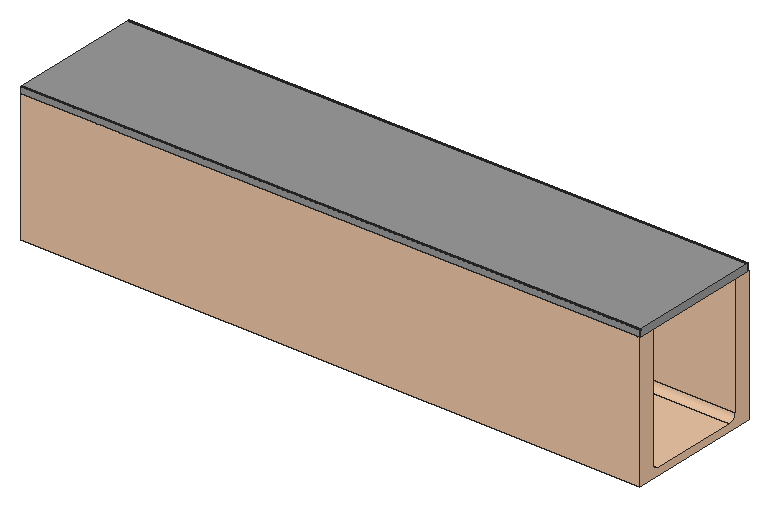
Revit family "EN_MEA MEADRAIN EN_ENS_basic", category Allgemeines Modell, Revit 2018
Family settings
  Kann Basisbauteil für Bewehrung sein = Nein
  Bemaßung runder Anschluss = Durchmesser verwenden
  Teiletyp = Normal
  OmniClass-Nummer = 23.70.50.00
  OmniClass-Titel = Liquid Waste Handling Services
  Beim Laden mit Abzugskörper schneiden = Ja
  Gemeinsam genutzt = Nein
  Raumberechnungspunkt = Nein
Parameters (values of type "MEADRAIN E - NW300")
  hilfsparameter = 0
  guid = "cf6c1bd8-9bf4-4563-8c57-07955e2378ac"  # constant formula
  Material Edge [instance] = Edge  # "ductile iron"
  URL = "https://www.mea-group.com/de/water-management/"
  Typenkommentare = "The MEADRAIN EN/ENS drainage channel system is designed to withstand the highest loads. With the cast-iron L-profile of the channel EN and the cast-iron Z-profile of the channel ENS, these high-performance MEADRAIN channels combine the light weight of polymer concrete with a reinforced construction that allows them to withstand loads up to class F 900. The MEADRAIN EN and ENS systems are designed to provide a drainage solution for the most demanding applications such as airports, train stations, cargo areas, ports and industrial buildings. These high-quality channels offer extremely long service life as well as high resistance to chemical substances, accumulating salt and acids."  # constant formula
  Type channel drainage = "Typ M"  # constant formula
  technical Product information [instance] = "https://www.mea-group.com/de/water-management/service/downloads/"
  MEA-Gully [instance] = if(Inspection element end, 1, 0)  # 0
  MEA- loading class [instance] = Loading class  # "A 15"
  MEA- endcap [instance] = if(and(Endcap beginning, Endcap end), 2, if(or(Endcap beginning, Endcap end), 1, 0))  # 0
  MEA- edge [instance] = Edge  # "ductile iron"
  MEA- cover [instance] = cover  # "ductil iron MOVE D400"
  MEA- channel length [instance] = if(Inspection element end, [built-in parameter 1001306] - 500 mm, [built-in parameter 1001306])  # 1800 mm
  MEA- Clear width = "300"
  Endcap end [instance] = no
  Endcap beginning [instance] = no
  Channel height End [instance] = if(and(hilfsparameter = 0, Channel with slope), Channel height + ([built-in parameter 1001306] - B_Channel End) * 0.005, Channel height)  # 409 mm
  Channel height = 400 mm
  Channel Radius = 20 mm  # constant formula
  Channel width = clear width + B_NW Width addition  # 394 mm
  Channel with slope [instance] = yes
  Product website [instance] = "https://www.mea-group.com/de/products/entwaesserungsrinne-meadrain-en-ens/"
  clear width mm channel = "300"
  MEA Planungs-Hilfe [instance] = "https://www.mea-group.com/de/water-management/service/"
  clear width = 300 mm
  Modell = "MEADRAIN EN/ENS"  # constant formula
  built-in parameter 1001306 [instance] = 1800 mm
  construction drainage = "Box channel, U-section"  # constant formula
  IfcExportType = "USERDEFINED"  # constant formula
  IfcExportAs = "IfcWasteTerminalType"  # constant formula
  IfcDescription = Beschreibung  # "Polymer concrete drainage system for heavy-duty industrial and infrastructure applications up to F 900."
  Hersteller und Typ - Ausschreibender gleichwertig = "like MEA Bautechnik GmbH, Modell MEADRAIN EN/ENS"  # constant formula
  Manufacturer = "MEA Bautechnik GmbH business unit MEA Water Management\r\n"  # constant formula
  Slope type / percen drainage [instance] = if(Channel with slope, "with 0.5 % slope", "Without slope")  # "with 0.5 % slope"
  Gully height = 835 mm
  Inspection element end [instance] = no
  Installation technology = "inclusive Foundation\r\n"  # constant formula
  Suitability drainage component [instance] = "Drainage system designed to collect, transport and evacuate accumulated rainwater in urban areas.MEADRAIN EN channels are specially designed to support heavy loads up to F900"  # constant formula
  loading class drainage [instance] = Loading class  # "A 15"
  component drainage = "Drainage channel"  # constant formula
  Building material, bedding/foundation = "Beton"  # constant formula
  B_NW Width addition = 94 mm
  B_NW = "NW 300"
  B_Modelltext = "MEA Rinne"  # constant formula
  B_Foundation addition Z [instance] = if(Def Loading class = 1, 80 mm, if(Def Loading class = 2, 100 mm, if(Def Loading class = 3, 150 mm, if(Def Loading class = 4, 200 mm, if(Def Loading class = 5, 200 mm, if(Def Loading class = 6, 250 mm, 1 mm))))))  # 80 mm
  B_Foundation addition X [instance] = if(Def Loading class = 1, 80 mm, if(Def Loading class = 2, 100 mm, if(Def Loading class = 3, 150 mm, if(Def Loading class = 4, 200 mm, if(Def Loading class = 5, 200 mm, if(Def Loading class = 6, 250 mm, 1 mm))))))  # 80 mm
  B_Topslot height [instance] = if(Def cover = 6, 110 mm, if(Def cover = 7, 160 mm, 1 mm))  # 1 mm
  B_cover Gruppe [instance] = if(and(Def cover > 0, Def cover < 6), 3, if(and(Def cover > 5, Def cover < 8), 4, 0))  # 3
  B_cover show G4 [instance] = B_cover Gruppe = 4  # no
  B_cover show G3 [instance] = B_cover Gruppe = 3  # yes
  B_cover show G1 [instance] = or(B_cover Gruppe = 1, B_cover Gruppe = 4)  # no
  Edge [instance] = "ductile iron"  # constant formula
  Def Loading class [instance] = 1
  foundation view [instance] = no
  Beschreibung = "Polymer concrete drainage system for heavy-duty industrial and infrastructure applications up to F 900."  # constant formula
  B_show foundation Gully [instance] = B_check foundation Gully = 1  # no
  B_check foundation Gully [instance] = if(and(Inspection element end, foundation view), 1, 0)  # 0
  B_Foundation length [instance] = if(Inspection element end, ([built-in parameter 1001306] - 500 mm), [built-in parameter 1001306])  # 1800 mm
  B_Gully height endcap [instance] = (Gully height - Channel height End) + Bottom thickness  # 446 mm
  B_Gully connection height [instance] = (Gully height - (diameter outlet / 2)) - Bottom thickness  # 735 mm
  Bottom thickness = 20 mm  # constant formula
  Material channel = Polymerbeton
  Keynote = "Drainage channels surface water\r\n"  # constant formula
  B_vertical Profisaddition [instance] = if(Inspection element end, 0 mm, Gully height)  # 835 mm
  B_Channel End [instance] = if(Endcap end, 20 mm, if(Inspection element end, 500 mm, 0 mm))  # 0 mm
  B_Channel beginning [instance] = if(Endcap beginning, 20 mm, 0 mm)  # 0 mm
  B_Gully height profil [instance] = if(Inspection element end, Gully height, Channel height)  # 400 mm
  B_Gully height cover beginning [instance] = if(Channel with slope, Channel height + ([built-in parameter 1001306] - 500 mm) * 0.005 - Bottom thickness - Channel Radius, Channel height - Bottom thickness - Channel Radius)  # 366.5 mm
  B_cover End [instance] = if(or(Endcap end, Inspection element end), 20 mm, 0 mm)  # 0 mm
  diameter outlet = 160 mm
  B_cover length [instance] = [built-in parameter 1001306] - B_Channel beginning - B_cover End  # 1800 mm
  B_cover width [instance] = Channel width - 8 mm  # 386 mm
  Def cover [instance] = 1
  Loading class [instance] = if(Def Loading class = 1, "A 15", if(Def Loading class = 2, "B 125", if(Def Loading class = 3, "C 250", if(Def Loading class = 4, "D 400", if(Def Loading class = 5, "E 600", if(Def Loading class = 6, "F 900", "bitte Belastungsklasse definieren"))))))  # "A 15"
  execution documents = "according to drawind and description\r\n"  # constant formula
  cover [instance] = if(Def cover = 1, "ductil iron MOVE D400", if(Def cover = 2, "ductil iron longitudinal bar E600", if(Def cover = 3, "ductil iron slotted F900", if(Def cover = 4, "ductil iron WAVE D400", if(Def cover = 5, "ductil iron closed cover E600", if(Def cover = 6, "Topslot TSL B125", if(Def cover = 7, "Topslot TSH E600", "please define the cover")))))))  # "ductil iron MOVE D400"
Types (8, lengths in mm): name | hilfsparameter | URL | MEA-Gully | MEA- cover | MEA- channel length | MEA- Clear width | Channel height End | Channel height | Channel width | Channel with slope | clear width mm channel | clear width | built-in parameter 1001306 | Slope type / percen drainage | Gully height | Inspection element end | B_NW Width addition | B_NW | B_Topslot height | B_cover Gruppe | B_cover show G4 | B_cover show G3 | B_cover show G1 | foundation view | B_show foundation Gully | B_check foundation Gully | B_Foundation length | B_Gully height endcap | B_Gully connection height | B_vertical Profisaddition | B_Channel End | B_Gully height profil | B_Gully height cover beginning | B_cover End | diameter outlet | B_cover length | B_cover width | Def cover | cover
  MEADRAIN E - NW100 | 0 | "https://www.mea-group.com" | 1 | "ductil iron MOVE D400" | 4500 | "100" | 172.5 | 150 | 140 | yes | "100" | 100 | 5000 | "with 0.5 % slope" | 585 | yes | 40 | "NW 100" | 1 | 3 | no | yes | no | yes | yes | 1 | 4500 | 432.5 | 510 | 0 | 500 | 585 | 132.5 | 20 | 110 | 4980 | 132 | 1 | "ductil iron MOVE D400"
  MEADRAIN E - NW150 | 0 | "https://www.mea-group.com/de/water-management/" | 0 | "ductil iron MOVE D400" | 1800 | "150" | 229 | 220 | 190 | yes | "150" | 150 | 1800 | "with 0.5 % slope" | 700 | no | 40 | "NW 150" | 1 | 3 | no | yes | no | no | no | 0 | 1800 | 491 | 600 | 700 | 0 | 220 | 186.5 | 0 | 160 | 1800 | 182 | 1 | "ductil iron MOVE D400"
  MEADRAIN E - NW150 Flat | 0 | "https://www.mea-group.com/de/water-management/" | 0 | "ductil iron MOVE D400" | 1800 | "150" | 189 | 180 | 190 | yes | "150" | 150 | 1800 | "with 0.5 % slope" | 700 | no | 40 | "NW 150" | 1 | 3 | no | yes | no | no | no | 0 | 1800 | 531 | 600 | 700 | 0 | 180 | 146.5 | 0 | 160 | 1800 | 182 | 1 | "ductil iron MOVE D400"
  MEADRAIN E - NW200 | 0 | "https://www.mea-group.com/de/water-management/" | 0 | "ductil iron MOVE D400" | 1800 | "200" | 289 | 280 | 240 | yes | "200" | 200 | 1800 | "with 0.5 % slope" | 740 | no | 40 | "NW 200" | 1 | 3 | no | yes | no | no | no | 0 | 1800 | 471 | 640 | 740 | 0 | 280 | 246.5 | 0 | 160 | 1800 | 232 | 1 | "ductil iron MOVE D400"
  MEADRAIN E - NW200 Flat | 0 | "https://www.mea-group.com/de/water-management/" | 1 | "ductil iron MOVE D400" | 1300 | "200" | 100 | 100 | 240 | no | "200" | 200 | 1800 | "Without slope" | 740 | yes | 40 | "NW 200" | 1 | 3 | no | yes | no | yes | yes | 1 | 1300 | 660 | 640 | 0 | 500 | 740 | 60 | 20 | 160 | 1780 | 232 | 1 | "ductil iron MOVE D400"
  MEADRAIN E - NW300 | 0 | "https://www.mea-group.com/de/water-management/" | 0 | "ductil iron MOVE D400" | 1800 | "300" | 409 | 400 | 394 | yes | "300" | 300 | 1800 | "with 0.5 % slope" | 835 | no | 94 | "NW 300" | 1 | 3 | no | yes | no | no | no | 0 | 1800 | 446 | 735 | 835 | 0 | 400 | 366.5 | 0 | 160 | 1800 | 386 | 1 | "ductil iron MOVE D400"
  MEADRAIN E - NW300 H760 | 0 | "https://www.mea-group.com/de/water-management/" | 0 | "ductil iron MOVE D400" | 1800 | "300" | 769 | 760 | 394 | yes | "300" | 300 | 1800 | "with 0.5 % slope" | 760 | no | 94 | "NW 300" | 1 | 3 | no | yes | no | no | no | 0 | 1800 | 11 | 660 | 760 | 0 | 760 | 726.5 | 0 | 160 | 1800 | 386 | 1 | "ductil iron MOVE D400"
  MEADRAIN E - NW400 | 1 | "https://www.mea-group.com/de/water-management/" | 1 | "Topslot TSH E600" | 1300 | "400" | 465 | 465 | 494 | no | "400" | 400 | 1800 | "Without slope" | 942 | yes | 94 | "NW 400" | 160 | 4 | yes | no | yes | yes | yes | 1 | 1300 | 497 | 842 | 0 | 500 | 942 | 425 | 20 | 160 | 1780 | 486 | 7 | "Topslot TSH E600"
Reference planes
  plane 1 "Vorne": y = 0
  plane 2: z = 0
  plane 3 "Links": x = 0
  plane 4 "Rechts": x = 1800
  plane 5 "Hinten": y = 394
  plane 6 "Rinnenachse": y = 197
  plane 7 "Anfang Rinnenkörper": x = 0
  plane 8 "Ende Rinnenkörper": x = 1800
  plane 9: z = -400
  plane 10 "Einlaufkasten Anfang": x = 1300
  plane 11 "UK EK": z = -835
  plane 12: x = 1550
  plane 13: z = -735
  plane 14: z = -100
  plane 15: y = 390
  plane 16: y = 4
  plane 17 "Abdeckung Ende": x = 1800
  plane 18 "Aufsatz Vorderkante": y = 370
Forms (mm)
  SweptBlend 1, solid, material "Polymerbeton" <- "Material channel"
    path origin (0, 0, 0) x (1, 0, 0) y (0, 1, 0)
      loop
        line (0, 0) -> (1800, 0)
    profile "Profil_Rinnenkörper_oK : Profil_Rinnenkörper_oK_Anfang" origin (0, 0, 0) x (0, 1, 0) y (0, 0, 1)
      loop
        line (4, -20) -> (3, -20) -> (3, -1) -> (1, -1) -> (1, -20) -> (0, -20) -> (0, -400) -> (394, -400) -> (394, -20) -> (393, -20) -> (393, -1) -> (391, -1) -> (391, -20) -> (390, -20) -> (347, -20) -> (347, -360)
        arc (347, -360) -> (341.142, -374.142) -> (327, -380) r 20
        line (327, -380) -> (67, -380)
        arc (67, -380) -> (52.858, -374.142) -> (47, -360) r 20
        line (47, -360) -> (47, -20) -> (4, -20)
    end profile "Profil_Rinnenkörper_oK : Profil_Rinnenkörper_oK_Ende" origin (1800, 0, 0) x (0, 1, 0) y (0, 0, 1)
      loop
        line (4, -20) -> (3, -20) -> (3, -1) -> (1, -1) -> (1, -20) -> (0, -20) -> (0, -409) -> (394, -409) -> (394, -20) -> (393, -20) -> (393, -1) -> (391, -1) -> (391, -20) -> (390, -20) -> (347, -20) -> (347, -369)
        arc (347, -369) -> (341.142, -383.142) -> (327, -389) r 20
        line (327, -389) -> (67, -389)
        arc (67, -389) -> (52.858, -383.142) -> (47, -369) r 20
        line (47, -369) -> (47, -20) -> (4, -20)
  Extrusion 2, solid, material "Polymerbeton", visible <- "Endcap beginning"
    sketch origin (0, 0, 0) x (0, 1, 0) y (0, 0, 1)
      loop
        line (394, 0) -> (0, 0) -> (0, -400) -> (394, -400) -> (394, 0)
    from 0 to 20
  Extrusion 3, solid, material "Polymerbeton", visible <- "Endcap end"
    sketch origin (1800, 0, 0) x (0, 1, 0) y (0, 0, 1)
      loop
        line (0, 0) -> (0, -409) -> (394, -409) -> (394, 0) -> (0, 0)
    from 0 to -20
  Sweep 4, solid, material "Polymerbeton" <- "Material channel", visible <- "Inspection element end"
    path origin (0, 0, 0) x (1, 0, 0) y (0, 1, 0)
      loop
        line (1300, 0) -> (1800, 0)
    profile "Profil_Rinnenkörper_oK : Profil_Rinnenkörper_oK_Einlaufkasten" origin (1550, 0, 0) x (0, 1, 0) y (0, 0, 1)
      loop
        line (4, -20) -> (3, -20) -> (3, -1) -> (1, -1) -> (1, -20) -> (0, -20) -> (0, -835) -> (394, -835) -> (394, -20) -> (393, -20) -> (393, -1) -> (391, -1) -> (391, -20) -> (390, -20) -> (347, -20) -> (347, -795)
        arc (347, -795) -> (341.142, -809.142) -> (327, -815) r 20
        line (327, -815) -> (67, -815)
        arc (67, -815) -> (52.858, -809.142) -> (47, -795) r 20
        line (47, -795) -> (47, -20) -> (4, -20)
  SweptBlend 5, void
    path origin (0, 0, 0) x (1, 0, 0) y (0, 1, 0)
      loop
        line (0, 0) -> (1800, 0)
    profile "Profil_Rinnenkörper_Abzug : Profil_Rinnenkörper_Anfang" origin (0, 0, 0) x (0, 1, 0) y (0, 0, 1)
      loop
        line (0, 0) -> (0, -400) -> (394, -400) -> (394, 0) -> (390, 0) -> (390, 1) -> (370, 1) -> (370, 0) -> (0, 0)
    end profile "Profil_Rinnenkörper_Abzug : Profil_Rinnenkörper_Ende" origin (1800, 0, 0) x (0, 1, 0) y (0, 0, 1)
      loop
        line (0, 0) -> (0, -409) -> (394, -409) -> (394, 0) -> (390, 0) -> (390, 1) -> (370, 1) -> (370, 0) -> (0, 0)
  Sweep 6, void
    path origin (0, 0, 0) x (1, 0, 0) y (0, 1, 0)
      loop
        line (1300, 0) -> (1800, 0)
    profile "Profil_Rinnenkörper_Abzug : Profil_Rinnenkörper_Einlaufkasten" origin (1550, 0, 0) x (0, 1, 0) y (0, 0, 1)
      loop
        line (0, 0) -> (0, -400) -> (394, -400) -> (394, 0) -> (390, 0) -> (390, 1) -> (370, 1) -> (370, 0) -> (0, 0)
  Extrusion 7, solid, visible <- "Inspection element end"
    sketch origin (0, 394, 0) x (-1, 0, 0) y (0, 0, 1)
      loop
        circle (-1550, -735) r 80
    from 0 to 50
  SweptBlend 8, solid, material "Beton", visible <- "foundation view"
    path origin (0, 0, 0) x (1, 0, 0) y (0, 1, 0)
      loop
        line (0, 0) -> (1800, 0)
    profile "Profil_Fundament : Fundament_Anfang" origin (0, 0, 0) x (0, 1, 0) y (0, 0, 1)
      loop
        line (-80, 0) -> (-80, -480) -> (474, -480) -> (474, 0) -> (394, 0) -> (394, -400) -> (0, -400) -> (0, 0) -> (-80, 0)
    end profile "Profil_Fundament : Fundament_Ende" origin (1800, 0, 0) x (0, 1, 0) y (0, 0, 1)
      loop
        line (-80, 0) -> (-80, -489) -> (474, -489) -> (474, 0) -> (394, 0) -> (394, -409) -> (0, -409) -> (0, 0) -> (-80, 0)
  Sweep 9, solid, material "Beton", visible <- "B_show foundation Gully"
    path origin (0, 0, 0) x (1, 0, 0) y (0, 1, 0)
      loop
        line (1300, 0) -> (1800, 0)
    profile "Profil_Fundament : Fundament_Einlaufkasten" origin (1550, 0, 0) x (0, 1, 0) y (0, 0, 1)
      loop
        line (-80, 0) -> (-80, -480) -> (474, -480) -> (474, 0) -> (394, 0) -> (394, -400) -> (0, -400) -> (0, 0) -> (-80, 0)
  Extrusion 10, solid, visible <- "Inspection element end"
    sketch origin (0, 0, 0) x (-1, 0, 0) y (0, 0, -1)
      loop
        circle (-1550, 735) r 80
    from 0 to 50
  Extrusion 11, solid, material "Polymerbeton" <- "Material channel", visible <- "Inspection element end"
    sketch origin (52.64, 0, -835) x (-1, 0, 0) y (0, -1, 0)
      loop
        line (-1247.36, -394) -> (-1247.36, 0) -> (-1267.36, 0) -> (-1267.36, -394) -> (-1247.36, -394)
    from 0 to 446 <- "B_Gully height endcap"
  Extrusion 12, solid, material "Polymerbeton" <- "Material channel", visible <- "Inspection element end"
    sketch origin (1800, 0, 0) x (0, 1, 0) y (0, 0, 1)
      loop
        line (0, 0) -> (0, -835) -> (394, -835) -> (394, 0) -> (0, 0)
    from 0 to -20
  Extrusion 13, solid, material "Stahl, verzinkt", visible <- "B_cover show G1"
    sketch origin (723.397, 370.159, 0) x (1, 0, 0) y (0, 1, 0)
      loop
        line (-723.397, 19.841) -> (-723.397, -366.159) -> (1076.603, -366.159) -> (1076.603, 19.841) -> (-723.397, 19.841)
    from 0 to -20
  Extrusion 14, solid, material "Stahl, verzinkt", visible <- "B_cover show G4"
    sketch origin (1039.397, -412.457, 0) x (1, 0, 0) y (0, 1, 0)
      loop
        line (-1039.397, 802.457) -> (-1039.397, 782.457) -> (760.603, 782.457) -> (760.603, 802.457) -> (-1039.397, 802.457)
    from 0 to 1 <- "B_Topslot height"
  Extrusion 15, solid, material "Guss", visible <- "B_cover show G3"
    sketch origin (1120.988, -278.841, 0) x (1, 0, 0) y (0, 1, 0)
      loop
        line (-1120.988, 668.841) -> (-1120.988, 282.841) -> (679.012, 282.841) -> (679.012, 668.841) -> (-1120.988, 668.841)
    from 0 to -20
  Extrusion 16, solid, material "Guss"
    sketch origin (0, 0, 0) x (0, 1, 0) y (0, 0, 1)
      loop
        line (0, -20) -> (1, -20) -> (1, -1) -> (3, -1) -> (3, -20) -> (4, -20) -> (4, 0) -> (0, 0) -> (0, -20)
    from 0 to 1800 <- "B_cover length"
  Extrusion 17, solid, material "Guss"
    sketch origin (0, 133, 0) x (0, -1, 0) y (0, 0, -1)
      loop
        line (-261, 20) -> (-261, 0) -> (-257, 0) -> (-257, 20) -> (-258, 20) -> (-258, 1) -> (-260, 1) -> (-260, 20) -> (-261, 20)
    from 0 to 1800 <- "B_cover length"
Cuts and joins
  joined: Sweep 4, Extrusion 11, Extrusion 12
Lines and regions (mm)
  reference lines
    curve 1: line (0, 0, 0) -> (1800, 0, 0)
Dimensions and locks
  "built-in parameter 1001306": plane 3 "Links" to plane 4 "Rechts"
  "B_Channel beginning": plane 3 "Links" to plane 7 "Anfang Rinnenkörper"
  "B_Channel End": plane 8 "Ende Rinnenkörper" to plane 4 "Rechts"
  equal spacing: plane 5 "Hinten", plane 6 "Rinnenachse", plane 1 "Vorne"
  "Channel width": plane 5 "Hinten" to plane 1 "Vorne"
  "Channel height": plane 2 to plane 9
  locked: plane 3 "Links" to Extrusion 2 at 20
  "Channel height End": plane 2 to Extrusion 3 sketch curve
  locked: Extrusion 3 to plane 4 "Rechts" at 20
  equal spacing: plane 4 "Rechts", plane 12, plane 10 "Einlaufkasten Anfang"
  locked: plane 4 "Rechts" to plane 10 "Einlaufkasten Anfang" at 500
  "Gully height": level to plane 11 "UK EK"
  "B_Gully connection height": level to plane 13
  locked: plane 5 "Hinten" to plane 15 at 4
  locked: plane 1 "Vorne" to plane 16 at 4
  "B_Foundation length": SweptBlend 8 sketch curve to SweptBlend 8 sketch curve
  locked: Extrusion 11 to plane 10 "Einlaufkasten Anfang" at 20
  "B_cover length": plane 7 "Anfang Rinnenkörper" to plane 17 "Abdeckung Ende"
  locked: plane 15 to plane 18 "Aufsatz Vorderkante" at 20
  locked: plane 3 "Links" to text3d elem at 30
  locked: plane 1 "Vorne" to text3d elem at 30
  "diameter outlet": diameter of Extrusion 7 sketch curve
  "diameter outlet": diameter of Extrusion 10 sketch curve
  aligned and locked: plane 4 "Rechts" to curve 1
  aligned and locked: plane 1 "Vorne" to curve 1
  aligned and locked: plane 3 "Links" to curve 1
  aligned and locked: level to plane 2
  aligned and locked: plane 7 "Anfang Rinnenkörper" to SweptBlend 1 sketch curve
  aligned and locked: plane 8 "Ende Rinnenkörper" to SweptBlend 1 sketch curve
  aligned and locked: plane 1 "Vorne" to SweptBlend 1 sketch curve
  aligned and locked: Extrusion 2 sketch curve to plane 2
  aligned and locked: Extrusion 2 sketch curve to plane 1 "Vorne"
  aligned and locked: Extrusion 2 sketch curve to plane 5 "Hinten"
  aligned and locked: plane 9 to Extrusion 2 sketch curve
  aligned and locked: Extrusion 3 sketch curve to plane 1 "Vorne"
  aligned and locked: Extrusion 3 sketch curve to plane 2
  aligned and locked: Extrusion 3 sketch curve to plane 5 "Hinten"
  aligned and locked: plane 10 "Einlaufkasten Anfang" to Sweep 4 sketch curve
  aligned and locked: plane 4 "Rechts" to Sweep 4 sketch curve
  aligned and locked: plane 1 "Vorne" to Sweep 4 sketch curve
  aligned and locked: plane 3 "Links" to SweptBlend 5 sketch curve
  aligned and locked: plane 8 "Ende Rinnenkörper" to SweptBlend 5 sketch curve
  aligned and locked: plane 1 "Vorne" to SweptBlend 5 sketch curve
  aligned and locked: plane 10 "Einlaufkasten Anfang" to Sweep 6 sketch curve
  aligned and locked: plane 4 "Rechts" to Sweep 6 sketch curve
  aligned and locked: plane 1 "Vorne" to Sweep 6 sketch curve
  aligned and locked: plane 13 to Extrusion 7 sketch curve
  aligned and locked: plane 12 to Extrusion 7 sketch curve
  aligned and locked: curve 1 to SweptBlend 8 sketch curve
  aligned and locked: plane 3 "Links" to SweptBlend 8 sketch curve
  aligned and locked: plane 4 "Rechts" to Sweep 9 sketch curve
  aligned and locked: plane 10 "Einlaufkasten Anfang" to Sweep 9 sketch curve
  aligned and locked: plane 1 "Vorne" to Sweep 9 sketch curve
  aligned and locked: Extrusion 11 to plane 11 "UK EK"
  aligned and locked: Extrusion 11 to plane 10 "Einlaufkasten Anfang"
  aligned and locked: plane 1 "Vorne" to Extrusion 11
  aligned and locked: plane 5 "Hinten" to Extrusion 11
  aligned and locked: Extrusion 12 sketch curve to plane 1 "Vorne"
  aligned and locked: Extrusion 12 sketch curve to plane 5 "Hinten"
  aligned and locked: plane 11 "UK EK" to Extrusion 12 sketch curve
  aligned and locked: Extrusion 12 sketch curve to level
  aligned and locked: Extrusion 13 to plane 7 "Anfang Rinnenkörper"
  aligned and locked: plane 16 to Extrusion 13
  aligned and locked: Extrusion 13 to plane 15
  aligned and locked: plane 17 "Abdeckung Ende" to Extrusion 13
  aligned and locked: Extrusion 14 to plane 7 "Anfang Rinnenkörper"
  aligned and locked: plane 17 "Abdeckung Ende" to Extrusion 14
  aligned and locked: Extrusion 14 to plane 15
  aligned and locked: Extrusion 14 to plane 18 "Aufsatz Vorderkante"
  aligned and locked: Extrusion 15 to plane 7 "Anfang Rinnenkörper"
  aligned and locked: plane 17 "Abdeckung Ende" to Extrusion 15
  aligned and locked: Extrusion 15 to plane 15
  aligned and locked: plane 16 to Extrusion 15
  aligned and locked: text3d elem to text3d elem  (x2)
Automatic sketch dimensions
  Extrusion 11 sketch curve to plane 5 "Hinten" = 0 mm
  plane 1 "Vorne" to Extrusion 11 sketch curve = 0 mm
  plane 10 "Einlaufkasten Anfang" to Extrusion 11 sketch curve = 0 mm
  plane 10 "Einlaufkasten Anfang" to Extrusion 11 sketch curve = 20 mm
  plane 3 "Links" to Extrusion 13 sketch curve = 0 mm
  Extrusion 13 sketch curve to plane 4 "Rechts" = 0 mm
  plane 16 to Extrusion 13 sketch curve = 0 mm
  plane 15 to Extrusion 13 sketch curve = 0 mm
  plane 3 "Links" to Extrusion 14 sketch curve = 0 mm
  Extrusion 14 sketch curve to plane 4 "Rechts" = 0 mm
  Extrusion 14 sketch curve to plane 18 "Aufsatz Vorderkante" = 0 mm
  plane 15 to Extrusion 14 sketch curve = 0 mm
  plane 3 "Links" to Extrusion 15 sketch curve = 0 mm
  Extrusion 15 sketch curve to plane 4 "Rechts" = 0 mm
  plane 16 to Extrusion 15 sketch curve = 0 mm
  plane 15 to Extrusion 15 sketch curve = 0 mm
  Extrusion 16 sketch curve to level = 0 mm
  Extrusion 16 sketch curve to plane 1 "Vorne" = 0 mm
  Extrusion 16 sketch curve to plane 16 = 0 mm
  Extrusion 16 sketch curve to Extrusion 16 sketch curve = 1 mm
  Extrusion 16 sketch curve to plane 16 = 1 mm
  Extrusion 16 sketch curve to level = 1 mm
  Extrusion 16 sketch curve to Extrusion 16 sketch curve = 19 mm
  Extrusion 16 sketch curve to Extrusion 16 sketch curve = 0 mm
  Extrusion 17 sketch curve to level = 0 mm
  Extrusion 17 sketch curve to plane 5 "Hinten" = 0 mm
  Extrusion 17 sketch curve to plane 15 = 0 mm
  Extrusion 17 sketch curve to Extrusion 17 sketch curve = 1 mm
  Extrusion 17 sketch curve to plane 15 = 1 mm
  level to Extrusion 17 sketch curve = 1 mm
  Extrusion 17 sketch curve to Extrusion 17 sketch curve = 19 mm
  Extrusion 17 sketch curve to Extrusion 17 sketch curve = 0 mm
  Extrusion 10 sketch curve to plane 12 = 0 mm
  Extrusion 10 sketch curve to plane 13 = 0 mm
